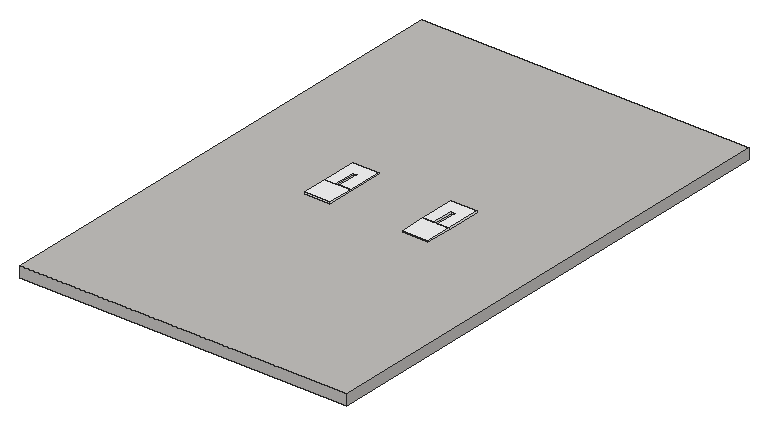
Revit family "Desk-Teknion-JNWDSE-Double_Sided_Rectangular_Exposed-R2018", category Furniture, Revit 2018 (continued)
Dimensions and locks (in)
  Extrusion 34 sketch curve to Extrusion 34 sketch curve to Extrusion 34 sketch curve to Extrusion 34 sketch curve to plane 7 "Front" = 2.63585" locked, 0.99262" locked, 2.52157" locked, 0.59244" locked
  locked: plane 8 "Top" to plane 15 at 1.30709
  locked: plane 16 to plane 15 at 0.11811
  locked: plane 6 "Back" to Extrusion 35 sketch curve at 1.58694
  locked: plane 7 "Front" to Extrusion 35 sketch curve at 1.58694
  Extrusion 37 sketch curve to Extrusion 37 sketch curve to Extrusion 37 sketch curve = 5.74054" locked, 0.00857" locked
  plane 6 "Back" to Extrusion 37 sketch curve to Extrusion 37 sketch curve to Extrusion 37 sketch curve to Extrusion 37 sketch curve = 0.59244" locked, 2.52157" locked, 0.99262" locked, 2.63585" locked
  Extrusion 37 sketch curve to Extrusion 37 sketch curve to Extrusion 37 sketch curve to Extrusion 37 sketch curve to plane 7 "Front" = 2.63585" locked, 0.99262" locked, 2.52157" locked, 0.59244" locked
  locked: plane 6 "Back" to Extrusion 36 sketch curve at 1.58694
  locked: plane 7 "Front" to Extrusion 36 sketch curve at 1.58694
  locked: Extrusion 37 sketch curve to plane 2 at 1  (x2)
  plane 7 "Front" to Extrusion 38 sketch curve to Extrusion 38 sketch curve to Extrusion 38 sketch curve to Extrusion 38 sketch curve = 0.59977" locked, 0.13165" locked, 1.93326" locked, 0.13165" locked
  plane 6 "Back" to Extrusion 39 sketch curve to Extrusion 39 sketch curve to Extrusion 39 sketch curve to Extrusion 39 sketch curve = 0.59977" locked, 0.13165" locked, 1.93326" locked, 0.13165" locked
  plane 7 "Front" to Extrusion 40 sketch curve to Extrusion 40 sketch curve to Extrusion 40 sketch curve to Extrusion 40 sketch curve = 0.59977" locked, 0.13165" locked, 1.93326" locked, 0.13165" locked
  plane 6 "Back" to Extrusion 41 sketch curve to Extrusion 41 sketch curve to Extrusion 41 sketch curve to Extrusion 41 sketch curve = 0.59977" locked, 0.13165" locked, 1.93326" locked, 0.13165" locked
  equal spacing: plane 6 "Back", plane 17, plane 1 "Center Front/Back"
  equal spacing: plane 7 "Front", plane 18, plane 1 "Center Front/Back"
  "Center Access Door Offset": Extrusion 17 sketch curve to plane 3 "Center Left/Right"
  locked: Extrusion 16 sketch curve to Extrusion 17 at 0.03978
  "Center Access Door Offset": Extrusion 14 sketch curve to plane 3 "Center Left/Right"
  locked: Extrusion 15 sketch curve to Extrusion 14 at 0.04
  "Access Door Bottom Offset": Extrusion 24 sketch curve to plane 4 "Left"
  "Access Door Bottom Offset": plane 4 "Left" to Extrusion 22 sketch curve
  "Center Grommet Offset": plane 3 "Center Left/Right" to Extrusion 4 sketch curve
  "Center Grommet Offset": plane 3 "Center Left/Right" to Extrusion 2 sketch curve
  "Left Grommet Offset": plane 4 "Left" to Extrusion 9 sketch curve
  "Left Grommet Offset": plane 4 "Left" to Extrusion 7 sketch curve
  "Left Square Cut Offset": Extrusion 26 sketch curve to plane 4 "Left"
  "Left Square Cut Offset": plane 4 "Left" to Extrusion 31 sketch curve
  aligned and locked: level to plane 2
  aligned and locked: Extrusion 1 sketch curve to plane 6 "Back"
  aligned and locked: Extrusion 1 sketch curve to plane 4 "Left"
  aligned and locked: Extrusion 1 sketch curve to plane 5 "Right"
  aligned and locked: Extrusion 1 sketch curve to plane 7 "Front"
  aligned and locked: plane 8 "Top" to Extrusion 1
  aligned and locked: Extrusion 2 to plane 8 "Top"
  aligned and locked: Extrusion 4 to plane 8 "Top"
  aligned and locked: Extrusion 5 to plane 8 "Top"
  aligned and locked: Extrusion 3 to plane 8 "Top"
  aligned and locked: Extrusion 17 to plane 8 "Top"
  aligned and locked: Extrusion 14 to plane 8 "Top"
  aligned and locked: Extrusion 16 to plane 8 "Top"
  aligned and locked: Extrusion 20 to plane 10
  aligned and locked: Extrusion 21 to plane 10
  aligned and locked: Extrusion 18 to plane 10
  aligned and locked: Extrusion 19 to plane 10
  aligned and locked: Extrusion 26 to plane 9 "Void Cut Plane"
  aligned and locked: plane 11 to Extrusion 34
  aligned and locked: plane 4 "Left" to Extrusion 34
  aligned and locked: plane 12 to Extrusion 35 sketch curve
  aligned and locked: Extrusion 35 sketch curve to plane 4 "Left"
  aligned and locked: plane 14 to Extrusion 36 sketch curve
  aligned and locked: Extrusion 36 sketch curve to plane 5 "Right"
  aligned and locked: Extrusion 38 sketch curve to plane 2
  aligned and locked: Extrusion 38 sketch curve to Extrusion 37
  aligned and locked: plane 2 to Extrusion 39 sketch curve
  aligned and locked: Extrusion 37 to Extrusion 39 sketch curve
  aligned and locked: plane 13 to Extrusion 38  (x2)
  aligned and locked: plane 13 to Extrusion 39  (x2)
  aligned and locked: plane 5 "Right" to Extrusion 39  (x2)
  aligned and locked: plane 5 "Right" to Extrusion 38  (x2)
  aligned and locked: plane 11 to Extrusion 40
  aligned and locked: plane 11 to Extrusion 41
  aligned and locked: plane 4 "Left" to Extrusion 41
  aligned and locked: Extrusion 40 to plane 4 "Left"
  aligned and locked: Extrusion 35 to plane 16
  aligned and locked: Extrusion 35 to plane 15
  aligned and locked: Extrusion 36 to plane 16
  aligned and locked: Extrusion 36 to plane 15
  aligned and locked: Extrusion 18 to curve 1
  aligned and locked: Extrusion 18 to curve 2
  aligned and locked: Extrusion 18 to curve 3
  aligned and locked: Extrusion 18 to curve 4
  aligned and locked: Extrusion 18 to curve 5
  aligned and locked: Extrusion 18 to curve 6
  aligned and locked: Extrusion 18 to curve 7
  aligned and locked: Extrusion 18 to curve 8
  aligned and locked: Extrusion 19 to curve 9
  aligned and locked: Extrusion 19 to curve 10
  aligned and locked: Extrusion 19 to curve 11
  aligned and locked: Extrusion 19 to curve 12
  aligned and locked: Extrusion 20 to curve 13
  aligned and locked: Extrusion 20 to curve 14
  aligned and locked: Extrusion 20 to curve 15
  aligned and locked: Extrusion 20 to curve 16
  aligned and locked: Extrusion 20 to curve 17
  aligned and locked: Extrusion 20 to curve 18
  aligned and locked: Extrusion 20 to curve 19
  aligned and locked: Extrusion 20 to curve 20
  aligned and locked: Extrusion 21 to curve 21
  aligned and locked: Extrusion 21 to curve 22
  aligned and locked: Extrusion 21 to curve 23
  aligned and locked: Extrusion 21 to curve 24
  aligned and locked: Extrusion 22 to curve 25
  aligned and locked: Extrusion 22 to curve 26
  aligned and locked: Extrusion 22 to curve 27
  aligned and locked: Extrusion 22 to curve 28
  aligned and locked: Extrusion 22 to curve 29
  aligned and locked: Extrusion 22 to curve 30
  aligned and locked: Extrusion 22 to curve 31
  aligned and locked: Extrusion 22 to curve 32
  aligned and locked: Extrusion 23 to curve 33
  aligned and locked: Extrusion 23 to curve 34
  aligned and locked: Extrusion 23 to curve 35
  aligned and locked: Extrusion 23 to curve 36
  aligned and locked: Extrusion 24 to curve 37
  aligned and locked: Extrusion 24 to curve 39
  aligned and locked: Extrusion 24 to curve 41
  aligned and locked: Extrusion 24 to curve 43
  aligned and locked: Extrusion 25 to curve 45
  aligned and locked: Extrusion 25 to curve 46
  aligned and locked: Extrusion 25 to curve 47
  aligned and locked: Extrusion 25 to curve 48
  aligned and locked: Extrusion 14 to curve 49
  aligned and locked: Extrusion 14 to curve 51
  aligned and locked: Extrusion 14 to curve 53
  aligned and locked: Extrusion 14 to curve 55
  aligned and locked: Extrusion 15 to curve 57
  aligned and locked: Extrusion 15 to curve 59
  aligned and locked: Extrusion 17 to curve 61
  aligned and locked: Extrusion 17 to curve 63
  aligned and locked: Extrusion 17 to curve 65
  aligned and locked: Extrusion 17 to curve 67
  aligned and locked: Extrusion 16 to curve 69
  aligned and locked: Extrusion 16 to curve 70
  aligned and locked: Extrusion 16 to curve 71
  aligned and locked: Extrusion 16 to curve 72
  aligned and locked: Extrusion 27 to curve 73
  aligned and locked: Extrusion 27 to curve 74
  aligned and locked: Extrusion 27 to curve 75
  aligned and locked: Extrusion 27 to curve 76
  aligned and locked: Extrusion 27 to curve 77
  aligned and locked: Extrusion 27 to curve 78
  aligned and locked: Extrusion 27 to curve 79
  aligned and locked: Extrusion 27 to curve 80
  aligned and locked: Extrusion 28 to curve 81
  aligned and locked: Extrusion 28 to curve 82
  aligned and locked: Extrusion 28 to curve 83
  aligned and locked: Extrusion 28 to curve 84
  aligned and locked: Extrusion 29 to curve 85
  aligned and locked: Extrusion 29 to curve 86
  aligned and locked: Extrusion 29 to curve 87
  aligned and locked: Extrusion 29 to curve 88
  aligned and locked: Extrusion 29 to curve 89
  aligned and locked: Extrusion 29 to curve 90
  aligned and locked: Extrusion 29 to curve 91
  aligned and locked: Extrusion 29 to curve 92
  aligned and locked: Extrusion 30 to curve 93
  aligned and locked: Extrusion 30 to curve 94
  aligned and locked: Extrusion 30 to curve 95
  aligned and locked: Extrusion 30 to curve 96
  aligned and locked: curve 97 to Extrusion 35
  aligned and locked: curve 98 to Extrusion 35
  aligned and locked: curve 99 to Extrusion 35
  aligned and locked: curve 100 to Extrusion 36
  aligned and locked: curve 101 to Extrusion 36
  aligned and locked: curve 102 to Extrusion 36
  aligned and locked: curve 103 to Extrusion 34
  aligned and locked: curve 104 to Extrusion 34
  aligned and locked: curve 105 to Extrusion 34
  aligned and locked: curve 106 to Extrusion 41
  aligned and locked: curve 107 to Extrusion 40
  aligned and locked: curve 108 to Extrusion 37
  aligned and locked: curve 109 to Extrusion 37
  aligned and locked: curve 110 to Extrusion 37
  aligned and locked: curve 111 to Extrusion 39
  aligned and locked: curve 112 to Extrusion 38
  aligned and locked: curve 113 to Extrusion 7
  aligned and locked: curve 114 to Extrusion 7
  aligned and locked: curve 115 to Extrusion 7
  aligned and locked: curve 116 to Extrusion 7
  aligned and locked: curve 117 to Extrusion 6
  aligned and locked: curve 118 to Extrusion 6
  aligned and locked: curve 119 to Extrusion 6
  aligned and locked: curve 120 to Extrusion 6
  aligned and locked: curve 121 to Extrusion 6
  aligned and locked: curve 122 to Extrusion 6
  aligned and locked: curve 123 to Extrusion 9
  aligned and locked: curve 124 to Extrusion 9
  aligned and locked: curve 125 to Extrusion 9
  aligned and locked: curve 126 to Extrusion 9
  aligned and locked: curve 127 to Extrusion 8
  aligned and locked: curve 128 to Extrusion 8
  aligned and locked: curve 129 to Extrusion 8
  aligned and locked: curve 130 to Extrusion 8
  aligned and locked: curve 131 to Extrusion 8
  aligned and locked: curve 132 to Extrusion 8
  aligned and locked: Extrusion 11 to curve 133
  aligned and locked: Extrusion 11 to curve 134
  aligned and locked: Extrusion 11 to curve 136
  aligned and locked: curve 137 to Extrusion 10
  aligned and locked: curve 138 to Extrusion 10
  aligned and locked: curve 139 to Extrusion 10
  aligned and locked: curve 140 to Extrusion 10
  aligned and locked: curve 141 to Extrusion 10
  aligned and locked: curve 142 to Extrusion 10
  aligned and locked: curve 143 to Extrusion 12
  aligned and locked: Extrusion 13 to curve 144
  aligned and locked: Extrusion 13 to curve 146
  aligned and locked: Extrusion 13 to curve 147
  aligned and locked: curve 148 to Extrusion 12
  aligned and locked: curve 149 to Extrusion 12
  aligned and locked: curve 150 to Extrusion 12
  aligned and locked: curve 151 to Extrusion 12
  aligned and locked: curve 152 to Extrusion 12
  aligned and locked: Extrusion 3 to curve 156
  aligned and locked: Extrusion 2 to curve 157
  aligned and locked: Extrusion 2 to curve 159
  aligned and locked: Extrusion 2 to curve 160
  aligned and locked: Extrusion 2 to curve 162
  aligned and locked: Extrusion 4 to curve 163
  aligned and locked: curve 165 to Extrusion 4
  aligned and locked: curve 166 to Extrusion 4
  aligned and locked: Extrusion 4 to curve 168
  aligned and locked: curve 170 to Extrusion 5
  aligned and locked: curve 172 to Extrusion 5
  aligned and locked: plane 14 to Extrusion 36
  aligned and locked: Extrusion 36 to plane 5 "Right"
  aligned and locked: plane 13 to Extrusion 37
  aligned and locked: Extrusion 37 to plane 5 "Right"
  aligned and locked: curve 177 to Extrusion 31
  aligned and locked: curve 178 to Extrusion 31
  aligned and locked: curve 179 to Extrusion 31
  aligned and locked: curve 180 to Extrusion 31
  aligned and locked: curve 185 to Extrusion 33
  aligned and locked: curve 186 to Extrusion 33
  aligned and locked: curve 187 to Extrusion 33
  aligned and locked: curve 188 to Extrusion 33
  aligned and locked: curve 193 to Extrusion 32
  aligned and locked: curve 194 to Extrusion 32
  aligned and locked: curve 195 to Extrusion 32
  aligned and locked: curve 196 to Extrusion 32
  aligned and locked: curve 201 to Extrusion 26
  aligned and locked: curve 202 to Extrusion 26
  aligned and locked: curve 203 to Extrusion 26
  aligned and locked: curve 204 to Extrusion 26
  aligned and locked: plane 6 "Back" to curve 205
  aligned and locked: plane 4 "Left" to curve 206
  aligned and locked: plane 7 "Front" to curve 207
  aligned and locked: plane 5 "Right" to curve 208
  aligned and locked: curve 68 to Extrusion 17
  aligned and locked: curve 64 to Extrusion 17
  aligned and locked: curve 66 to Extrusion 17
  aligned and locked: curve 62 to Extrusion 17
  aligned and locked: curve 50 to Extrusion 14
  aligned and locked: curve 56 to Extrusion 14
  aligned and locked: curve 54 to Extrusion 14
  aligned and locked: curve 52 to Extrusion 14
  aligned and locked: curve 58 to Extrusion 15
  aligned and locked: curve 60 to Extrusion 15
  aligned and locked: curve 164 to Extrusion 4
  aligned and locked: curve 167 to Extrusion 4
  aligned and locked: curve 169 to Extrusion 5
  aligned and locked: curve 171 to Extrusion 5
  aligned and locked: curve 155 to Extrusion 3
  aligned and locked: curve 153 to Extrusion 2
  aligned and locked: Extrusion 8 sketch curve to Extrusion 9
  aligned and locked: Extrusion 6 sketch curve to Extrusion 7
  aligned and locked: Extrusion 33 to plane 9 "Void Cut Plane"
  aligned and locked: Extrusion 32 to plane 9 "Void Cut Plane"
  aligned and locked: Extrusion 21 to plane 8 "Top"
  aligned and locked: Extrusion 20 to plane 8 "Top"
  aligned and locked: Extrusion 12 to plane 8 "Top"
  aligned and locked: Extrusion 8 to plane 8 "Top"
  aligned and locked: Extrusion 9 to plane 8 "Top"
  aligned and locked: Extrusion 13 to plane 8 "Top"
  aligned and locked: Extrusion 29 to plane 8 "Top"
  aligned and locked: Extrusion 30 to plane 8 "Top"
  aligned and locked: Extrusion 24 to plane 8 "Top"
  aligned and locked: Extrusion 25 to plane 8 "Top"
  aligned and locked: Extrusion 27 to plane 8 "Top"
  aligned and locked: Extrusion 22 to plane 8 "Top"
  aligned and locked: Extrusion 23 to plane 8 "Top"
  aligned and locked: Extrusion 6 to plane 8 "Top"
  aligned and locked: Extrusion 11 to plane 8 "Top"
  aligned and locked: Extrusion 10 to plane 8 "Top"
  aligned and locked: Extrusion 28 to plane 8 "Top"
  aligned and locked: Extrusion 7 to plane 8 "Top"
  aligned and locked: Extrusion 18 to plane 8 "Top"
  aligned and locked: plane 19 to Extrusion 30
  aligned and locked: plane 19 to Extrusion 25
  aligned and locked: plane 19 to Extrusion 29
  aligned and locked: plane 19 to Extrusion 24
  aligned and locked: plane 19 to Extrusion 27
  aligned and locked: plane 19 to Extrusion 23
  aligned and locked: plane 19 to Extrusion 28
  aligned and locked: plane 19 to Extrusion 22
  aligned and locked: Extrusion 7 to plane 10
  aligned and locked: Extrusion 11 to plane 10
  aligned and locked: Extrusion 10 to plane 10
  aligned and locked: Extrusion 9 to plane 10
  aligned and locked: Extrusion 8 to plane 10
  aligned and locked: Extrusion 13 to plane 10
  aligned and locked: Extrusion 12 to plane 10
  aligned and locked: Extrusion 6 to plane 10
  aligned and locked: Masking region 1 sketch curve to plane 6 "Back"
Automatic sketch dimensions
  Extrusion 34 sketch curve to Extrusion 34 sketch curve = 0.87116"
  Extrusion 34 sketch curve to Extrusion 34 sketch curve = 0.85521"
  Extrusion 37 sketch curve to plane 15 = 0.000"
  Extrusion 37 sketch curve to Extrusion 37 sketch curve = 0.87116"
  Extrusion 37 sketch curve to Extrusion 37 sketch curve = 0.85521"
  Extrusion 40 sketch curve to level = 0.000"
  level to Extrusion 40 sketch curve = 1.000"
  Extrusion 41 sketch curve to level = 0.000"
  level to Extrusion 41 sketch curve = 1.000"
  curve 104 to plane 4 "Left" = 0.000"
  plane 4 "Left" to curve 97 = 0.000"
  curve 99 to plane 4 "Left" = 0.000"
  curve 107 to plane 4 "Left" = 0.000"
  plane 4 "Left" to curve 106 = 0.000"
  plane 4 "Left" to curve 105 = 0.000"
  curve 112 to plane 5 "Right" = 0.000"
  curve 111 to plane 5 "Right" = 0.000"
  curve 100 to plane 5 "Right" = 0.000"
  plane 5 "Right" to curve 102 = 0.000"
  plane 5 "Right" to curve 109 = 0.000"
  curve 110 to plane 5 "Right" = 0.000"
  curve 37 to curve 45 = 0.35496"
  curve 37 to curve 41 = 0.31496"
  curve 47 to curve 43 = 0.03874"
  curve 41 to curve 37 = 0.31496"
  curve 58 to curve 160 = 1.04086"
  curve 161 to curve 157 = 1.52748"
  plane 4 "Left" to Masking region 1 sketch curve = 0.000"
  Masking region 1 sketch curve to plane 5 "Right" = 0.000"
  Masking region 1 sketch curve to plane 7 "Front" = 0.000"
  Masking region 1 sketch curve to plane 6 "Back" = 0.000"
Types (3): name | Single-Sided Beam | Model | Left Square Cut Offset | Left Grommet Offset | Has No Power/Data | Double-Sided Beam | Description | Center Grommet Offset | Center Access Door Offset | Actual Width | Access Door Bottom Offset
  (no name) | no | "JNWDSED___" | 9.431" | 6.890" | no | yes | "Double-Sided Rectangular Worksurface - Exposed Beam, Double-Sided Beam" | 4.174" | 3.879" | 55.307" | 8.583"
  Double-Sided Beam | no | "JNWDSED___" | 9.431" | 6.890" | no | yes | "Double-Sided Rectangular Worksurface - Exposed Beam, Double-Sided Beam" | 4.174" | 3.879" | 55.307" | 8.583"
  Single-Sided Beam | yes | "JNWDSES___" | 7.738" | 5.287" | yes | no | "Double-Sided Rectangular Worksurface - Exposed Beam, Single-Sided Beam" | 5.020" | 3.031" | 53.614" | 6.890"
